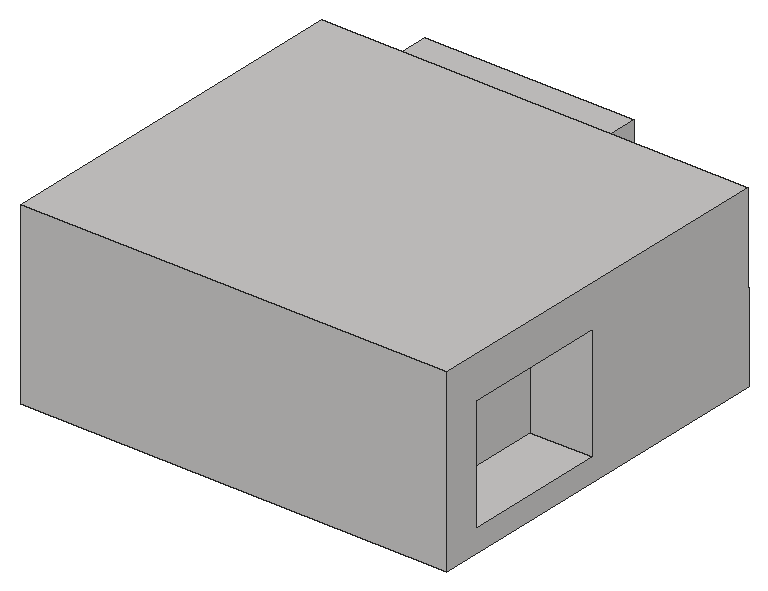
Revit family
Parameters
  Width = 3' - 0 1/8"
  Voltage = 208 V
  Unit Weight = "150.0 lbs"
  UltraLoc Liner = Choose Liner Option = 3  # no
  URL = "http://www.titus-hvac.com/"
  UL = "181"
  Supply Air Flow [instance] = 0 CFM
  SteriLoc Liner = Choose Liner Option = 2  # no
  Primary Air Pressure Drop [instance] = 0.00 in-wg
  Primary Air Flow [instance] = 0 CFM
  Plenum Air Pressure Drop [instance] = 0.00 in-wg
  Plenum Air Flow [instance] = 0 CFM
  Outlet Width = 1' - 2"
  Outlet Vertical Offset = 0' - 1 1/8"
  Outlet Horizontal Offset = 0' - 1 3/8"
  Outlet Height = 0' - 11"
  Number of Poles = 2
  Nominal Width = Width + 0' 6 1/4"  # 3' - 6 3/8"
  Nominal Length = Length + 0' 3 3/8"  # 3' - 8 1/4"
  Nominal Inlet Size = 0' - 10"
  Nominal Height = 1' - 5 1/8"
  NFPA = "90A"
  Motor Full Load Amps = 3 A
  Model = "DTQS"
  Min. Air Flow = 0 CFM
  Max. Air Flow = 0 CFM
  Material = Galvanized Steel
  Manufacturer = "Titus"
  Length = 3' - 4 7/8"
  Juction Box Offset = 0' - 4 7/8"
  Inlet Diameter = Nominal Inlet Size - 0' 0 1/8"  # 0' - 9 7/8"
  Induced Air Inlet Offset = 0' - 4 1/2"
  Induced Air Inlet Width = 1' - 1 1/4"
  Induced Air Inlet Height = 1' - 2 1/2"
  Induced Air Filter = no
  Heating Total Capacity [instance] = 0 Btu/h
  Half Outlet Connection Width = Outlet Width / 2  # 0' - 7"
  Half Outlet Connection Height = Outlet Height / 2  # 0' - 5 1/2"
  Half Height Start = -(Nominal Height / 2)  # -0' - 8 9/16"
  Half Height End = Nominal Height / 2  # 0' - 8 9/16"
  HP-Motor = "1/4"
  Frequency = 60 Hz
  Filter Size = "19\"x17\""
  Fiber Free Liner = Choose Liner Option = 1  # no
  Fan Disconnect Switch = no
  Duct Radius = Nominal Inlet Size / 2  # 0' - 5"
  Description = "Series Fan Powered Terminal Unit, Direct Digital Control, Pressure Independent"
  Connection Void Radius = Connection Radius - 0' 0 1/4"  # 0' - 4 11/16"
  Connection Radius = Inlet Diameter / 2  # 0' - 4 15/16"
  Choose Liner Option = 0
  CADworks URL = "www.CADworks.net"
  Assembly Code = "D3040100"
  Apparent Power = Voltage * Motor Full Load Amps  # 624 VA
  Air Inlet Offset = 0' - 7"
  1/2" Fiberglass Liner = Choose Liner Option = 0  # yes
Reference planes (in)
  plane 1 "Center (Front/Back)": y = 0
  plane 2: z = 0
  plane 3 "Center (Left/Right)": x = 3
  plane 4: x = -17.4375
  plane 5: x = 23.4375
  plane 6: x = -12.5625
  plane 7: x = -20.8125
  plane 8 "Center (Elevation)": z = 0
  plane 9: y = -18.0625
  plane 10: y = 18.0625
  plane 11: y = 11.0625
  plane 12: y = -13.5625
  plane 13: x = -11.4375
  plane 14: x = 17.4375
  plane 15: y = 24.3125
  plane 16: z = 8.5625
  plane 17: z = -8.5625
Forms (in)
  Extrusion 1, solid, material "Galvanized Steel" <- "Material"
    sketch origin (61, -3.76302, 78.80279) x (1, 0, 0) y (0, 1, 0)
      loop
        line (-78.4375, 21.82552) -> (-78.4375, -14.29948) -> (-37.5625, -14.29948) -> (-37.5625, 21.82552) -> (-78.4375, 21.82552)
    from -87.36529 <- "Half Height Start" to -70.24029 <- "Half Height End"
  Extrusion 2, solid, material "Galvanized Steel" <- "Material"
    sketch origin (6.0625, 0, 42) x (1, 0, 0) y (0, 1, 0)
      loop
        line (-18.625, 18.0625) -> (1.375, 18.0625) -> (1.375, 24.3125) -> (-18.625, 24.3125) -> (-18.625, 18.0625)
    from -48 to -36
  Extrusion 3, void
    sketch origin (23.4375, 18.0625, 76.42779) x (0, 1, 0) y (0, 0, -1)
      loop
        line (-18.625, 71.86529) -> (-18.625, 82.86529) -> (-32.625, 82.86529) -> (-32.625, 71.86529) -> (-18.625, 71.86529)
    from 0 to 6
  Extrusion 4, solid, material "Galvanized Steel" <- "Material"
    sketch origin (-24.875, -0.4375, 0) x (0, 0, -1) y (0, 1, 0)
      loop
        circle (0, 11.5) r 4.9375
    from 4.0625 to 7.4375
  Extrusion 5, void
    sketch origin (-24.875, 0, 0) x (0, 1, 0) y (0, 0, 1)
      loop
        circle (11.0625, 0) r 4.6875
    from 4.0625 to 13.4375
  Extrusion 6, void
    sketch origin (-17.4375, -18.0625, 78.67779) x (0, -1, 0) y (0, 0, -1)
      loop
        line (-17.75, 71.49029) -> (-4.5, 71.49029) -> (-4.5, 85.99029) -> (-17.75, 85.99029) -> (-17.75, 71.49029)
    from 0 to 6
Cuts and joins
  Extrusion 3, Extrusion 5, Extrusion 6 cuts Extrusion 1
  Extrusion 5 cuts Extrusion 4
Dimensions and locks (in)
  "Length": plane 5 to plane 4
  equal spacing: plane 5, plane 3 "Center (Left/Right)", plane 4
  locked: Extrusion 2 to plane 6 at 0
  locked: Extrusion 2 to Extrusion 2 at 20
  "Juction Box Offset": plane 6 to plane 4
  "Outlet Height": Extrusion 3 sketch curve to Extrusion 3 sketch curve
  "Outlet Width": Extrusion 3 sketch curve to Extrusion 3 sketch curve
  locked: plane 4 to plane 7 at 3.375
  "Width": plane 9 to plane 10
  equal spacing: plane 9, plane 1 "Center (Front/Back)", plane 10
  locked: Extrusion 4 sketch curve to level at 0
  locked: Extrusion 4 sketch curve to plane 11 at 0
  locked: Extrusion 5 sketch curve to level at 0
  locked: Extrusion 5 sketch curve to plane 11 at 0
  locked: Extrusion 2 to Extrusion 2 at 6.25
  "Air Inlet Offset": plane 10 to plane 11
  locked: Extrusion 2 to plane 10 at 0
  locked: cut or joined group of Extrusion 4, Extrusion 5 to plane 7 at 0
  locked: cut or joined group of Extrusion 4, Extrusion 5 to cut or joined group of Extrusion 4, Extrusion 5 at 3.375
  "Induced Air Inlet Offset": plane 9 to plane 12
  "Induced Air Inlet Width": Extrusion 6 sketch curve to Extrusion 6 sketch curve
  "Induced Air Inlet Height": Extrusion 6 sketch curve to Extrusion 6 sketch curve
  "Induced Air Inlet Offset": Extrusion 6 sketch curve to plane 9
  locked: plane 9 to Extrusion 3 sketch curve at 3.5
  cut or joined group of Extrusion 1, Extrusion 3, Extrusion 5, Extrusion 6 to Extrusion 6 sketch curve = 0' - 1 3/8"
  cut or joined group of Extrusion 1, Extrusion 3, Extrusion 5, Extrusion 6 to Extrusion 3 sketch curve = 0' - 2 1/8"
  locked: Extrusion 2 to Extrusion 2 at 12
  equal spacing: Extrusion 2, level, Extrusion 2
  locked: cut or joined group of Extrusion 1, Extrusion 3, Extrusion 5, Extrusion 6 to cut or joined group of Extrusion 1, Extrusion 3, Extrusion 5, Extrusion 6 at 17.125
  equal spacing: cut or joined group of Extrusion 1, Extrusion 3, Extrusion 5, Extrusion 6, level, cut or joined group of Extrusion 1, Extrusion 3, Extrusion 5, Extrusion 6
  locked: plane 4 to plane 13 at 6
  locked: plane 14 to plane 5 at 6
  "Connection Radius": radius of Extrusion 4 sketch curve
  "Connection Void Radius": radius of Extrusion 5 sketch curve
  aligned and locked: cut or joined group of Extrusion 1, Extrusion 3, Extrusion 5, Extrusion 6 to plane 10
  aligned and locked: plane 9 to cut or joined group of Extrusion 1, Extrusion 3, Extrusion 5, Extrusion 6
  aligned and locked: plane 5 to cut or joined group of Extrusion 1, Extrusion 3, Extrusion 5, Extrusion 6
  aligned and locked: cut or joined group of Extrusion 1, Extrusion 3, Extrusion 5, Extrusion 6 to plane 4
  aligned and locked: Extrusion 3 to plane 14
  aligned and locked: plane 13 to Extrusion 6
  aligned and locked: Extrusion 6 to Extrusion 5
Automatic sketch dimensions
  plane 4 to Extrusion 1 sketch curve = 0' - 0"
  plane 5 to Extrusion 1 sketch curve = 0' - 0"
  plane 9 to Extrusion 1 sketch curve = 0' - 0"
  plane 10 to Extrusion 1 sketch curve = 0' - 0"
  Extrusion 2 sketch curve to plane 6 = 0' - 0"
  Extrusion 2 sketch curve to plane 10 = 0' - 0"
  plane 3 "Center (Left/Right)" to Extrusion 2 sketch curve = 0' - 4 7/16"
  Extrusion 2 sketch curve to plane 10 = 0' - 6 1/4"
Connectors (in)
  electrical at (-2.5625, 24.3125, 0), driven by "Apparent Power", driven by "Voltage", driven by "Number of Poles"
    settings: on Extrusion 2, index 8
  hvac at (-20.8125, 11.0625, 0), driven by "Primary Air Flow", driven by "Duct Radius", driven by "Primary Air Pressure Drop"
    settings: on cut or joined group of Extrusion 4, Extrusion 5, index 9
  hvac at (-17.4375, -6.9375, -0.0625), driven by "Induced Air Inlet Width", driven by "Induced Air Inlet Height", driven by "Plenum Air Pressure Drop", driven by "Plenum Air Flow"
    settings: on cut or joined group of Extrusion 1, Extrusion 3, Extrusion 5, Extrusion 6, index 14
  hvac at (23.4375, -7.5625, -0.9375), driven by "Supply Air Flow", driven by "Outlet Width", driven by "Outlet Height"
    settings: on cut or joined group of Extrusion 1, Extrusion 3, Extrusion 5, Extrusion 6, index 15
